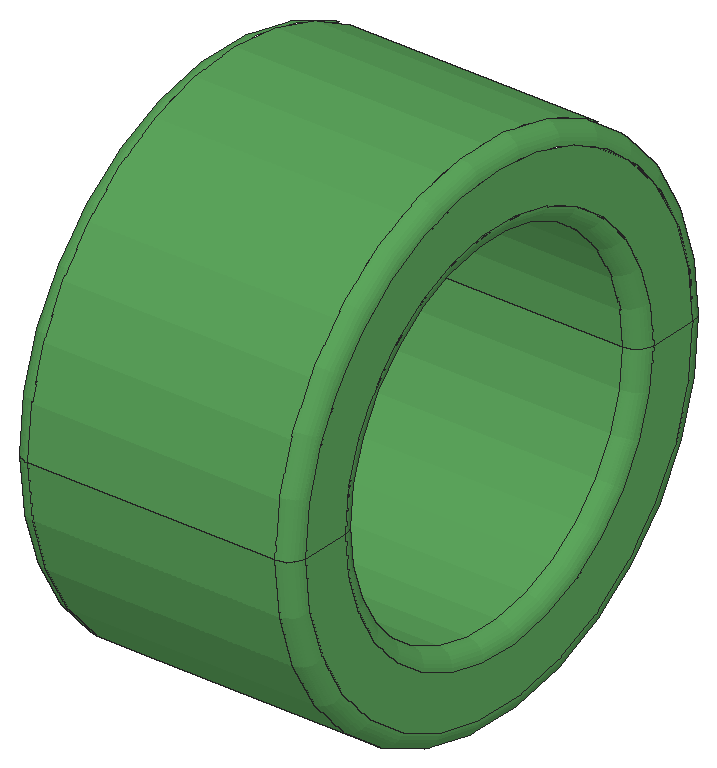
Revit family "Aquatherm_Муфта", category Соединительные детали трубопроводов, Revit 2019
Family settings
  Размер круглого соединителя = Использовать диаметр
  Тип детали = Соединение
  На основе рабочей плоскости = Нет
  Всегда вертикально = Да
  При загрузке вырезать с полостями = Нет
  Общий = Нет
Parameters (values of type "SDR 9")
  Материал_Корпус = AquaTherm green pipe
  z [instance] = size_lookup("Муфта", "z", 5 mm, DN)  # 1.5 mm
  URL = "www.agpipe.ru"
  SDR = 9 mm
  D [instance] = size_lookup("Муфта", "D", DN + 8 mm, DN)  # 29.5 mm
  l [instance] = size_lookup("Муфта", "l", 20 mm, DN)  # 16 mm
  DN [instance] = 20 mm
  ADSK_Примечание = ""
  ADSK_Позиция [instance] = ""
  ADSK_Обозначение = ""
  ADSK_Наименование [instance] = size_lookup("Муфта", "ADSK_Наименование", "Нет в каталоге", DN)  # "Муфта DN20"
  ADSK_Масса_Текст [instance] = size_lookup("Муфта", "ADSK_Масса_Текст", "Нет в каталоге", DN)  # "0.011"
  ADSK_Код изделия [instance] = size_lookup("Муфта", "ADSK_Код изделия", "Нет в каталоге", DN)  # "11008"
  ADSK_Завод-изготовитель = "Aquatherm"  # constant formula
  ADSK_Единица измерения = "шт."  # constant formula
Types (6, lengths in mm): name | SDR
  (no name) | 9
  SDR 6 | 6
  SDR 7.4 | 7.4
  SDR 9 | 9
  SDR 11 | 11
  SDR 17.6 | 17.6
Reference planes
  plane 1 "По центру (Вперед/Назад)": y = 0
  plane 2: z = 0
  plane 3 "По центру (Влево/Вправо)": x = 0
  plane 4: x = -8
  plane 5: x = 8
  plane 6: y = -10
  plane 7: y = 10
  plane 8: x = -0.75
  plane 9: x = 0.75
  plane 10: y = 14.75
  plane 11: y = -14.75
Forms (mm)
  Revolve 1, solid, material "AquaTherm green pipe" <- "Материал_Корпус"
    sketch origin (0, 0, 0) x (1, 0, 0) y (0, 1, 0)
      loop
        arc (-7.047, 14.75) -> (-7.721, 14.471) -> (-8, 13.797) r 0.953
        line (-8, 13.797) -> (-8, 11.034)
        arc (-8, 11.034) -> (-7.697, 10.303) -> (-6.966, 10) r 1.034
        line (-6.966, 10) -> (7.04, 10)
        arc (7.04, 10) -> (7.719, 10.281) -> (8, 10.96) r 0.96
        line (8, 10.96) -> (8, 13.784)
        arc (8, 13.784) -> (7.717, 14.467) -> (7.034, 14.75) r 0.966
        line (7.034, 14.75) -> (-7.047, 14.75)
      axis (-8, 0) -> (8, 0)
    angle from 0 to 360
Lines and regions (mm)
  reference lines
    curve 1: line (-0.75, 0, 0) -> (0.75, 0, 0)
Dimensions and locks
  equal spacing: plane 4, plane 3 "По центру (Влево/Вправо)", plane 5
  "l": plane 4 to plane 5
  equal spacing: plane 6, plane 1 "По центру (Вперед/Назад)", plane 7
  "DN": plane 6 to plane 7
  equal spacing: plane 8, plane 3 "По центру (Влево/Вправо)", plane 9
  "z": plane 8 to plane 9
  equal spacing: plane 11, plane 1 "По центру (Вперед/Назад)", plane 10
  "D": plane 11 to plane 10
  aligned and locked: level to plane 2
  aligned and locked: Revolve 1 sketch curve to plane 10
  aligned and locked: plane 4 to Revolve 1 sketch curve
  aligned and locked: plane 7 to Revolve 1 sketch curve
  aligned and locked: Revolve 1 sketch curve to plane 5
  aligned and locked: plane 1 "По центру (Вперед/Назад)" to Revolve 1 sketch curve
  aligned and locked: plane 8 to curve 1
  aligned and locked: plane 9 to curve 1
Automatic sketch dimensions
  plane 1 "По центру (Вперед/Назад)" to curve 1 = 0 mm
  Revolve 1 sketch curve to plane 4 = 0 mm
  Revolve 1 sketch curve to plane 5 = 0 mm
  plane 4 to Revolve 1 sketch curve = 0.953 mm
  plane 4 to Revolve 1 sketch curve = 1.034 mm
  Revolve 1 sketch curve to plane 5 = 0.966 mm
  Revolve 1 sketch curve to plane 5 = 0.96 mm
Connectors
  piping at (-0.75, 0, 0), diameter 20, driven by "DN"
    settings: on curve 1, index 1, connector inside diameter 609.6 mm, connector length 0 mm, flow factor 0, pipe flow 0.0 L/s, pressure drop 0.0 Pa, fitting loss kfactor 0, connector angle 0.00°, fixture units 0, engagement length 0 mm, angle of deflection 0.00°, flow configuration 0, flow direction 0, fitting loss method 0, system type 28, joint type 0, gender type 0, connector reference index 2, connector utility 0, adjustable connector no, is connector primary yes, connector description ""
  piping at (0.75, 0, 0), diameter 20, driven by "DN"
    settings: on curve 1, index 2, connector inside diameter 609.6 mm, connector length 0 mm, flow factor 0, pipe flow 0.0 L/s, pressure drop 0.0 Pa, fitting loss kfactor 0, connector angle 0.00°, fixture units 0, engagement length 0 mm, angle of deflection 0.00°, flow configuration 0, flow direction 0, fitting loss method 0, system type 28, joint type 0, gender type 0, connector reference index 1, connector utility 0, adjustable connector no, is connector primary no, connector description ""
